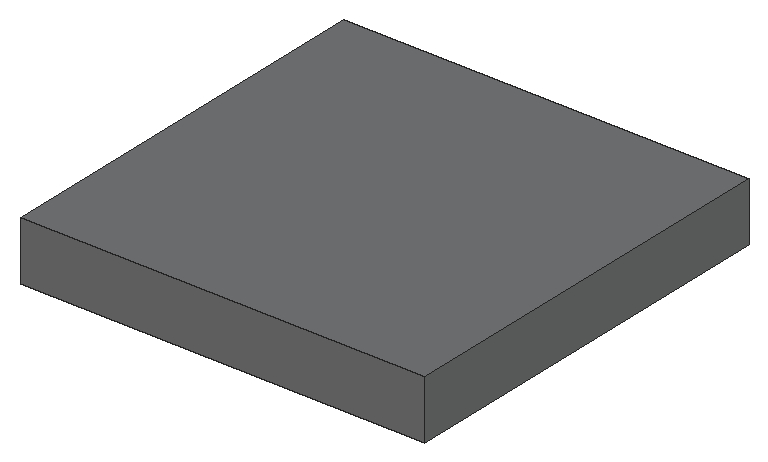
Revit family "Gira_067328", category Electrical Fixtures, host Face, Revit 2017
Family settings
  Host = Face
  Maintain Annotation Orientation = No
  Round Connector Dimension = Use Diameter
  Part Type = Normal
  Cut with Voids When Loaded = No
  Shared = No
  Room Calculation Point = No
Parameters (values of type "Wippe Symb. Klingel + BSF System 55 Anthrazit")
  Werkstoffgüte = "Thermoplast"
  Werkstoff = "Kunststoff"
  Verwendung = "Schalter/Taster"
  URL = "http://katalog.gira.de/de_DE/datenblatt.html?artikelnr=067328"
  Region = "DE"
  Oberfläche = "sonstige"
  Name = "Wippe Symb. Klingel + BSF System 55 Anthrazit"
  Mit austauschbarer Linse/Symbol = "No"
  Mit Beschriftungsfeld = "Yes"
  Manufacturer URL = "https://www.gira.de/"
  Kontrollfenster/Lichtauslass = "No"
  Keynote = "Sys55_Abdeckung_Schalten und Tasten"
  HeinzeBIM = "https://bimportal.heinze.de/bim/wippe-symb-klingel-bsf-system-55-anthrazit/d40e9d960c937ea5600909ee1d9fc36d4f7391d7"
  Halogenfrei = "Yes"
  HAN = "067328"
  Geeignet für Schutzart (IP) = "IP20"
  Geeignet für Bussystem-Tasterankopplung = "No"
  GTIN = "4010337673286"
  Farbe = "anthrazit"
  Default Elevation = 1219.2 mm
  Data sheet (1) = "https://katalog.gira.de/de_DE/download.html?artikelnr=067328"
  Category = "Abdeckung/Bedienelement für Installationsschalterprogramme"
  Befestigungsart = "Klemmbefestigung"
  Available = "Yes"
  Ausführung = "einteilige Wippe"
  Aufdruck/Kennzeichnung = "Symbol \"Klingel\""
  Anthrazit [instance] = Anthrazit
  Abtastbares Symbol/barrierefrei = "No"
Reference planes
  plane 1 "Center (Front/Back)": y = 0
  plane 2: z = 0
  plane 3 "Center (Left/Right)": x = 0
Forms (mm)
  Extrusion 1, solid, material "Anthrazit" <- "Anthrazit", detail levels fine
    sketch origin (0, 0, 0) x (1, 0, 0) y (0, 1, 0)
      loop
        line (-27.5, 27.5) -> (-27.5, -27.5) -> (27.5, -27.5) -> (27.5, 27.5) -> (-27.5, 27.5)
    from 0 to 8
  Extrusion 2, void
    sketch origin (0, 0, 0) x (1, 0, 0) y (0, 1, 0)
      loop
        line (26, 26) -> (-26, 26) -> (-26, -26) -> (26, -26) -> (26, 26)
    from 0 to 6
  Extrusion 3, solid, material "Anthrazit" <- "Anthrazit", detail levels medium
    sketch origin (0, 0, 0) x (1, 0, 0) y (0, 1, 0)
      loop
        line (-27.5, 27.5) -> (-27.5, -27.5) -> (27.5, -27.5) -> (27.5, 27.5) -> (-27.5, 27.5)
    from 0 to 8
  Extrusion 4, solid, material "Anthrazit" <- "Anthrazit", detail levels medium
    sketch origin (0, 0, 0) x (1, 0, 0) y (0, 1, 0)
      loop
        line (11, -17.5) -> (11, 17.5) -> (-11, 17.5) -> (-11, -17.5) -> (11, -17.5)
    from -6 to 6
  Extrusion 5, solid, material "Anthrazit" <- "Anthrazit", detail levels fine
    sketch origin (0, 0, 0) x (1, 0, 0) y (0, 1, 0)
      loop
        line (11, 17.5) -> (-11, 17.5) -> (-11, 16.5) -> (11, 16.5) -> (11, 17.5)
      loop
        line (-11, -16.5) -> (-11, -17.5) -> (11, -17.5) -> (11, -16.5) -> (-11, -16.5)
    from -4 to 6
  Extrusion 6, solid, material "Anthrazit" <- "Anthrazit", detail levels fine
    sketch origin (0, 0, 0) x (1, 0, 0) y (0, 1, 0)
      loop
        arc (5, 9.347) -> (0, 10.6) -> (-5, 9.347) r 10.6
        line (-5, 9.347) -> (-5, -9.347)
        arc (-5, -9.347) -> (0, -10.6) -> (5, -9.347) r 10.6
        line (5, -9.347) -> (5, 9.347)
    from -6 to 6
  Extrusion 7, solid, material "Anthrazit" <- "Anthrazit", detail levels coarse
    sketch origin (0, 0, 0) x (1, 0, 0) y (0, 1, 0)
      loop
        line (-27.5, 27.5) -> (-27.5, -27.5) -> (27.5, -27.5) -> (27.5, 27.5) -> (-27.5, 27.5)
    from -6 to 8
Cuts and joins
  Extrusion 2 cuts Extrusion 1
Dimensions and locks
  aligned and locked: plane 2 to host face
  aligned and locked: level to host face
